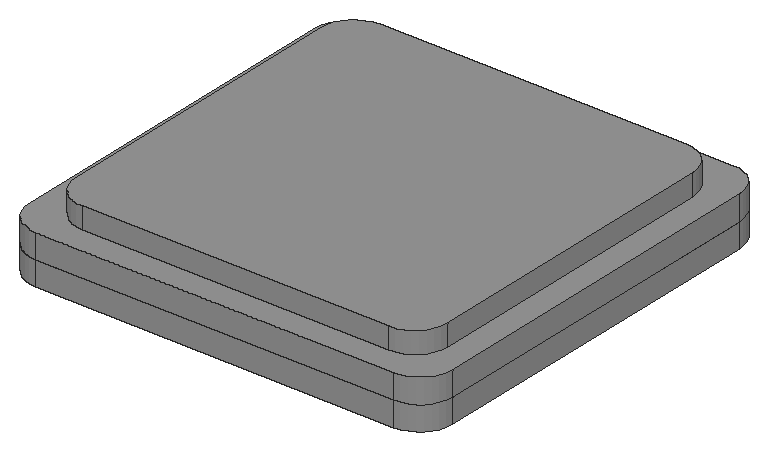
Revit family "FMS2_63_UN_Surface-mounted_ETK", category Lighting Fixtures, Revit 2019 (continued)
Definition of nested family "FMS.2 - Lightsource"
  Types (14, lengths in mm): name | Wattage Comments | Wattage | built-in parameter 1150134 | Photometric Web File | built-in parameter 1150142 | built-in parameter 1150105 | Lumens | built-in parameter 1150107 | built-in parameter 1150106 | Apparent Load
      301\t456.8348\t455.1776\t453.3823\t451.7251\r\n449.9298\t448.2726\t446.063\t443.4391\t440.6771\t437.777\t435.015\t432.3911\t429.7672\t427.0052\r\n424.1051\t421.3431\t418.443\t415.681\t412.7809\t410.0189\t407.2569\t404.4949\t401.5948\t398.6947\r\n395.7946\t393.0326\t390.1325\t387.3705\t384.6085\t381.5703\t378.6702\t375.7701\t372.7319\t369.8318\r\n366.9317\t364.1697\t361.2696\t358.5076\t355.6075\t352.7074\t349.6692\t346.7691\t343.869\t340.6927\r\n337.1021\t333.3734\t329.7828\t326.1922\t322.6016\t319.011\t315.4204\t311.8298\t308.2392\t304.6486\r\n301.058\t297.4674\t293.8768\t290.2862\t286.6956\t283.105\t279.5144\t276.0619\t272.4713\t268.8807\r\n265.2901\t261.8376\t258.3851\t254.9326\t251.4801\t248.0276\t244.5751\t241.1226\t237.6701\t234.2176\r\n230.627\t226.7602\t222.8934\t219.0266\t215.2979\t211.4311\t207.7024\t203.8356\t200.1069\t196.3782\r\n192.6495\t188.9208\t185.1921\t181.4634\t177.8728\t174.1441\t170.5535\t166.8248\t163.2342\t159.6436\r\n156.053\t152.4624\t148.8718\t145.2812\t141.8287\t138.2381\t134.7718\t131.2088\t127.6596\t124.1243\r\n120.6027\t117.095\t113.6149\t110.1624\t106.7099\t103.285\t99.8739\t96.4628\t93.0794\t89.696\r\n86.3263\t82.9705\t79.6285\t76.3003\t72.972\t69.6715\t66.3709\t63.0841\t59.8111\t54.3562\r\n46.3325\t38.3089\t30.2991\t22.2893\t14.2934\t6.2863\t0\t0\t0\t0\r\n0\t0\t0\t0\t0\t0\t0\t0\t0\t0\r\n0\r\n502.9602\t501.8554\t500.7506\t499.6458\t498.6791\t497.7124\t496.8838\t495.779\t494.6742\t493.7075\r\n492.6027\t491.636\t490.5312\t489.4264\t488.3216\t487.2168\t485.9739\t484.731\t483.4881\t482.2452\r\n480.8642\t479.6213\t478.3784\t476.9974\t475.6164\t474.3735\t472.9925\t471.6115\t470.2305\t468.8495\r\n467.3304\t465.9494\t464.4303\t462.9112\t461.3921\t459.873\t458.3539\t456.9729\t455.4538\t453.2442\r\n450.6203\t447.8583\t445.2344\t442.6105\t439.8485\t437.2246\t434.6007\t431.9768\t429.3529\t426.5909\r\n423.8289\t421.0669\t418.443\t415.681\t413.0571\t410.2951\t407.5331\t404.7711\t402.0091\t399.2471\r\n396.4851\t393.7231\t390.9611\t388.3372\t385.5752\t382.8132\t380.0512\t377.2892\t374.5272\t371.7652\r\n369.0032\t366.2412\t363.4792\t360.5791\t357.8171\t354.0884\t350.6359\t347.0453\t343.4547\t340.0022\r\n336.5497\t332.9591\t329.5066\t325.916\t322.4635\t318.8729\t315.2823\t311.8298\t308.2392\t304.7867\r\n301.3342\t297.8817\t294.2911\t290.8386\t287.3861\t283.9336\t280.4811\t277.0286\t273.5761\t270.1236\r\n266.6711\t263.2186\t259.9042\t256.4517\t252.9992\t249.6848\t245.818\t241.9512\t238.2225\t234.3557\r\n230.627\t226.7602\t223.0315\t219.1647\t215.436\t211.7073\t207.9786\t204.2499\t200.5212\t196.7925\r\n193.2019\t189.4732\t185.7445\t182.1539\t178.5633\t174.8346\t171.244\t167.6534\t164.0628\t160.4722\r\n156.8816\t153.291\t149.7004\t146.1098\t142.5192\t138.9286\t135.338\t131.7612\t128.212\t124.6629\r\n121.1275\t117.5922\t114.0706\t110.5629\t107.0689\t103.575\t100.1087\t96.6424\t93.2037\t89.765\r\n86.3401\t82.9152\t79.5042\t76.0931\t72.6958\t69.3124\t65.9289\t61.6064\t53.4999\t45.4073\r\n37.3008\t29.222\t21.1293\t13.0463\t4.9661\t0\t0\t0\t0\t0\r\n0\t0\t0\t0\t0\t0\t0\t0\t0\t0\r\n0\r\n502.9602\t501.8554\t500.7506\t499.6458\t498.6791\t497.7124\t496.7457\t495.779\t494.6742\t493.5694\r\n492.6027\t491.4979\t490.3931\t489.4264\t488.3216\t487.2168\t486.112\t484.8691\t483.7643\t482.5214\r\n481.2785\t480.0356\t478.7927\t477.4117\t476.1688\t474.9259\t473.5449\t472.302\t471.0591\t469.6781\r\n468.2971\t466.9161\t465.5351\t464.2922\t462.9112\t461.5302\t460.0111\t457.6634\t455.0395\t452.5537\r\n450.0679\t447.5821\t444.9582\t442.4724\t439.8485\t437.2246\t434.4626\t431.8387\t429.2148\t426.5909\r\n423.967\t421.3431\t418.7192\t416.2334\t413.4714\t410.8475\t408.2236\t405.4616\t402.8377\t400.2138\r\n397.5899\t394.966\t392.3421\t389.5801\t386.9562\t384.1942\t381.5703\t378.9464\t376.3225\t373.6986\r\n371.0747\t367.7603\t364.3078\t360.8553\t357.4028\t353.9503\t350.4978\t347.0453\t343.5928\t340.0022\r\n336.6878\t333.2353\t329.7828\t326.1922\t322.7397\t319.2872\t315.8347\t312.3822\t308.9297\t305.4772\r\n302.0247\t298.7103\t295.2578\t291.9434\t288.4909\t285.1765\t281.724\t278.2715\t274.9571\t271.5046\r\n268.1902\t264.8758\t261.1471\t257.4184\t253.5516\t249.8229\t245.9561\t242.2274\t238.4987\t234.6319\r\n230.9032\t227.1745\t223.4458\t219.7171\t215.9884\t212.2597\t208.531\t204.9404\t201.2117\t197.483\r\n193.8924\t190.1637\t186.5731\t182.8444\t179.2538\t175.5251\t171.9345\t168.3439\t164.7533\t161.1627\r\n157.434\t153.8434\t150.1147\t146.5241\t142.9335\t139.3429\t135.7385\t132.1617\t128.5849\t125.0219\r\n121.4728\t117.9236\t114.3882\t110.8529\t107.3175\t103.7822\t100.2606\t96.739\t93.2313\t89.7236\r\n86.2296\t82.7357\t79.2556\t75.7893\t72.3092\t68.8428\t61.7998\t53.6104\t45.4349\t37.2594\r\n29.0839\t20.9222\t12.7535\t4.5891\t0\t0\t0\t0\t0\t0\r\n0\t0\t0\t0\t0\t0\t0\t0\t0\t0\r\n0\r\n502.9602\t501.8554\t500.7506\t499.6458\t498.541\t497.5743\t496.6076\t495.6409\t494.6742\t493.5694\r\n492.6027\t491.4979\t490.3931\t489.4264\t488.3216\t487.2168\t486.2501\t485.1453\t483.9024\t482.7976\r\n481.6928\t480.4499\t479.3451\t478.1022\t476.8593\t475.6164\t474.3735\t473.1306\t471.8877\t470.6448\r\n469.4019\t468.159\t466.9161\t465.6732\t464.2922\t462.2207\t459.7349\t457.2491\t454.7633\t452.4156\r\n449.9298\t447.444\t444.8201\t442.3343\t439.7104\t437.2246\t434.7388\t432.253\t429.6291\t427.1433\r\n424.6575\t422.0336\t419.4097\t416.9239\t414.3\t411.6761\t409.1903\t406.5664\t404.0806\t401.4567\r\n398.8328\t396.347\t393.7231\t391.2373\t388.6134\t385.9895\t383.5037\t380.8798\t377.8416\t374.3891\r\n370.9366\t367.6222\t364.1697\t360.7172\t357.2647\t353.9503\t350.4978\t347.1834\t343.7309\t340.2784\r\n336.964\t333.5115\t330.1971\t326.7446\t323.4302\t319.9777\t316.6633\t313.2108\t309.8964\t306.582\r\n303.1295\t299.8151\t296.5007\t293.1863\t289.8719\t286.4194\t283.105\t279.7906\t276.4762\t272.8856\r\n269.0188\t265.2901\t261.4233\t257.6946\t253.9659\t250.2372\t246.3704\t242.6417\t238.913\t235.1843\r\n231.4556\t227.7269\t223.9982\t220.2695\t216.6789\t212.9502\t209.2215\t205.6309\t201.9022\t198.1735\r\n194.5829\t190.8542\t187.2636\t183.673\t179.9443\t176.3537\t172.7631\t169.0344\t165.4438\t161.7151\r\n158.1245\t154.3958\t150.8052\t147.0765\t143.4859\t139.8953\t136.1942\t132.576\t128.9578\t125.3534\r\n121.749\t118.1722\t114.5816\t111.0048\t107.428\t103.865\t100.2882\t96.739\t93.1761\t89.6269\r\n86.0777\t82.5286\t78.9932\t75.444\t71.301\t63.0288\t54.7705\t46.4983\t38.2399\t29.9953\r\n21.7369\t13.4896\t5.2423\t0\t0\t0\t0\t0\t0\t0\r\n0\t0\t0\t0\t0\t0\t0\t0\t0\t0\r\n0\r\n502.9602\t501.8554\t500.7506\t499.6458\t498.6791\t497.5743\t496.6076\t495.6409\t494.6742\t493.7075\r\n492.6027\t491.636\t490.5312\t489.4264\t488.4597\t487.3549\t486.3882\t485.2834\t484.1786\t483.2119\r\n482.1071\t481.0023\t479.8975\t478.7927\t477.6879\t476.445\t475.3402\t474.0973\t472.8544\t471.7496\r\n470.5067\t469.2638\t468.0209\t466.778\t464.4303\t461.9445\t459.5968\t457.2491\t454.7633\t452.2775\r\n449.9298\t447.444\t444.9582\t442.4724\t440.1247\t437.6389\t435.1531\t432.6673\t430.1815\t427.6957\r\n425.2099\t422.7241\t420.2383\t417.7525\t415.2667\t412.7809\t410.4332\t407.9474\t405.4616\t402.9758\r\n400.49\t398.0042\t395.5184\t393.0326\t390.5468\t388.061\t384.6085\t381.2941\t377.8416\t374.5272\r\n371.0747\t367.7603\t364.4459\t360.9934\t357.679\t354.3646\t351.0502\t347.7358\t344.2833\t340.9689\r\n337.6545\t334.3401\t331.0257\t327.7113\t324.2588\t320.9444\t317.63\t314.3156\t311.0012\t307.6868\r\n304.3724\t301.058\t297.8817\t294.5673\t291.2529\t287.9385\t284.486\t280.7573\t276.8905\t273.1618\r\n269.4331\t265.7044\t261.8376\t258.1089\t254.3802\t250.6515\t246.9228\t243.3322\t239.6035\t235.8748\r\n232.1461\t228.4174\t224.6887\t221.0981\t217.3694\t213.6407\t210.0501\t206.3214\t202.7308\t199.0021\r\n195.4115\t191.6828\t188.0922\t184.3635\t180.7729\t177.0442\t173.4536\t169.7249\t165.9962\t162.4056\r\n158.6769\t154.9482\t151.3576\t147.6289\t144.0383\t140.3096\t136.7052\t133.0455\t129.3859\t125.74\r\n122.0942\t118.4622\t114.8302\t111.1981\t107.5799\t103.9617\t100.3435\t96.7252\t93.1208\t89.5164\r\n85.912\t82.3214\t78.7308\t73.704\t65.3627\t57.0215\t48.6803\t40.339\t32.0116\t23.6703\r\n15.3429\t7.0072\t0\t0\t0\t0\t0\t0\t0\t0\r\n0\t0\t0\t0\t0\t0\t0\t0\t0\t0\r\n0\r\n502.9602\t501.8554\t500.8887\t499.7839\t498.6791\t497.7124\t496.6076\t495.6409\t494.6742\t493.7075\r\n492.7408\t491.7741\t490.8074\t489.7026\t488.5978\t487.6311\t486.5263\t485.5596\t484.4548\t483.4881\r\n482.3833\t481.4166\t480.4499\t479.3451\t478.2403\t477.2736\t476.1688\t475.064\t474.0973\t472.9925\r\n471.8877\t470.6448\t469.4019\t466.9161\t464.4303\t462.0826\t459.5968\t457.2491\t454.7633\t452.4156\r\n450.0679\t447.5821\t445.2344\t442.8867\t440.4009\t438.0532\t435.7055\t433.2197\t430.872\t428.3862\r\n426.0385\t423.6908\t421.205\t418.8573\t416.5096\t414.1619\t411.6761\t409.1903\t406.8426\t404.3568\r\n402.0091\t399.5233\t397.1756\t394.6898\t391.5135\t388.1991\t384.8847\t381.5703\t378.2559\t374.9415\r\n371.6271\t368.3127\t364.9983\t361.6839\t358.3695\t355.0551\t351.7407\t348.4263\t345.1119\t341.9356\r\n338.6212\t335.3068\t331.9924\t328.678\t325.3636\t322.0492\t318.7348\t315.5585\t312.2441\t308.9297\r\n305.6153\t302.439\t299.1246\t295.9483\t292.4958\t288.7671\t285.0384\t281.3097\t277.581\t273.8523\r\n270.1236\t266.3949\t262.6662\t258.9375\t255.2088\t251.4801\t247.7514\t244.0227\t240.294\t236.5653\r\n232.8366\t229.246\t225.5173\t221.7886\t218.0599\t214.3312\t210.7406\t207.0119\t203.2832\t199.6926\r\n195.9639\t192.3733\t188.6446\t185.054\t181.3253\t177.5966\t174.006\t170.2773\t166.5486\t162.8199\r\n159.2293\t155.5006\t151.7719\t148.1813\t144.4526\t140.7239\t137.0781\t133.4046\t129.7311\t126.0577\r\n122.398\t118.7246\t115.0649\t111.4053\t107.7594\t104.0998\t100.4401\t96.7943\t93.1485\t89.5026\r\n85.8568\t82.2109\t77.2946\t68.8705\t60.4602\t52.0361\t43.612\t35.2017\t26.7776\t18.3673\r\n9.9584\t1.5467\t0\t0\t0\t0\t0\t0\t0\t0\r\n0\t0\t0\t0\t0\t0\t0\t0\t0\t0\r\n0\r\n502.9602\t501.9935\t500.8887\t499.7839\t498.8172\t497.8505\t496.7457\t495.779\t494.8123\t493.8456\r\n492.8789\t491.9122\t490.9455\t489.9788\t489.0121\t487.9073\t486.9406\t485.9739\t485.0072\t483.9024\r\n482.9357\t481.969\t480.8642\t479.8975\t478.9308\t477.826\t476.8593\t475.8926\t474.7878\t473.8211\r\n472.8544\t471.7496\t469.54\t467.1923\t464.8446\t462.4969\t460.1492\t457.8015\t455.4538\t453.1061\r\n450.7584\t448.2726\t445.9249\t443.5772\t441.0914\t438.7437\t436.396\t434.0483\t431.7006\t429.2148\r\n426.8671\t424.5194\t422.1717\t419.824\t417.4763\t415.2667\t412.919\t410.4332\t408.0855\t405.7378\r\n403.3901\t400.9043\t398.2804\t394.966\t391.7897\t388.4753\t385.1609\t381.9846\t378.6702\t375.4939\r\n372.1795\t369.0032\t365.6888\t362.5125\t359.1981\t356.0218\t352.7074\t349.393\t346.0786\t342.9023\r\n339.5879\t336.4116\t333.0972\t329.7828\t326.6065\t323.2921\t320.1158\t316.8014\t313.6251\t310.3107\r\n307.1344\t303.82\t300.6437\t296.915\t293.1863\t289.4576\t285.7289\t282.0002\t278.2715\t274.5428\r\n270.8141\t267.0854\t263.3567\t259.628\t255.8993\t252.1706\t248.58\t244.8513\t241.1226\t237.3939\r\n233.6652\t229.9365\t226.3459\t222.6172\t218.8885\t215.2979\t211.5692\t207.8405\t204.2499\t200.5212\r\n196.7925\t193.2019\t189.4732\t185.7445\t182.0158\t178.2871\t174.5584\t170.8297\t167.101\t163.5104\r\n159.7817\t156.053\t152.3243\t148.5956\t144.8669\t141.1382\t137.5062\t133.8051\t130.104\t126.4167\r\n122.7157\t119.0284\t115.3411\t111.64\t107.9528\t104.2655\t100.5782\t96.891\t93.2175\t89.5302\r\n85.843\t82.059\t73.5659\t65.0727\t56.5796\t48.1002\t39.6071\t31.1277\t22.6346\t14.1553\r\n5.6704\t0\t0\t0\t0\t0\t0\t0\t0\t0\r\n0\t0\t0\t0\t0\t0\t0\t0\t0\t0\r\n0\r\n502.9602\t501.9935\t501.0268\t499.922\t498.9553\t497.9886\t497.0219\t495.9171\t494.9504\t493.9837\r\n493.017\t492.0503\t491.0836\t490.1169\t489.1502\t488.3216\t487.3549\t486.3882\t485.4215\t484.4548\r\n483.4881\t482.5214\t481.5547\t480.588\t479.6213\t478.6546\t477.6879\t476.7212\t475.7545\t474.7878\r\n473.8211\t472.0258\t469.6781\t467.4685\t465.1208\t462.7731\t460.4254\t458.0777\t455.8681\t453.5204\r\n451.1727\t448.825\t446.6154\t444.2677\t441.92\t439.5723\t437.2246\t435.015\t432.6673\t430.3196\r\n427.9719\t425.7623\t423.4146\t421.0669\t418.7192\t416.3715\t414.1619\t411.8142\t409.4665\t407.2569\r\n404.9092\t402.2853\t399.109\t395.7946\t392.4802\t389.3039\t385.9895\t382.8132\t379.4988\t376.3225\r\n373.0081\t369.8318\t366.5174\t363.203\t360.0267\t356.8504\t353.536\t350.3597\t347.0453\t343.869\r\n340.5546\t337.3783\t334.0639\t330.8876\t327.7113\t324.3969\t321.2206\t317.9062\t314.7299\t311.5536\r\n308.2392\t305.0629\t301.3342\t297.6055\t293.8768\t290.1481\t286.4194\t282.8288\t279.1001\t275.3714\r\n271.6427\t267.914\t264.3234\t260.5947\t256.866\t253.1373\t249.4086\t245.818\t242.0893\t238.3606\r\n234.6319\t230.9032\t227.1745\t223.5839\t219.8552\t216.1265\t212.3978\t208.6691\t205.0785\t201.3498\r\n197.6211\t194.0305\t190.3018\t186.435\t182.7063\t178.9776\t175.2489\t171.5202\t167.7915\t164.0628\r\n160.3341\t156.6054\t152.8767\t149.148\t145.4193\t141.6906\t138.031\t134.3022\t130.5874\t126.8725\r\n123.1438\t119.4289\t115.7002\t111.9853\t108.2704\t104.5555\t100.8406\t97.1257\t93.4108\t89.696\r\n85.9811\t79.5318\t70.9834\t62.4212\t53.8728\t45.3106\t36.7622\t28.2\t19.6516\t11.0991\r\n2.5479\t0\t0\t0\t0\t0\t0\t0\t0\t0\r\n0\t0\t0\t0\t0\t0\t0\t0\t0\t0\r\n0\r\n502.9602\t501.9935\t501.0268\t500.0601\t499.0934\t498.1267\t497.16\t496.3314\t495.3647\t494.398\r\n493.4313\t492.4646\t491.4979\t490.5312\t489.7026\t488.7359\t487.7692\t486.8025\t485.9739\t485.0072\r\n484.0405\t483.0738\t482.2452\t481.2785\t480.3118\t479.4832\t478.5165\t477.5498\t476.7212\t475.7545\r\n474.7878\t472.7163\t470.3686\t468.0209\t465.8113\t463.4636\t461.254\t458.9063\t456.5586\t454.349\r\n452.0013\t449.7917\t447.444\t445.2344\t442.8867\t440.539\t438.3294\t435.9817\t433.7721\t431.4244\r\n429.2148\t426.8671\t424.5194\t422.3098\t419.9621\t417.7525\t415.4048\t413.1952\t410.8475\t408.4998\r\n406.2902\t403.252\t399.9376\t396.7613\t393.4469\t390.2706\t386.9562\t383.7799\t380.6036\t377.2892\r\n374.1129\t370.7985\t367.6222\t364.4459\t361.1315\t357.9552\t354.6408\t351.4645\t348.2882\t344.9738\r\n341.7975\t338.4831\t335.3068\t332.1305\t328.8161\t325.6398\t322.4635\t319.1491\t315.9728\t312.7965\r\n309.4821\t305.8915\t302.1628\t298.5722\t294.8435\t291.1148\t287.3861\t283.6574\t279.9287\t276.2\r\n272.6094\t268.8807\t265.152\t261.4233\t257.6946\t253.9659\t250.3753\t246.6466\t242.9179\t239.1892\r\n235.4605\t231.8699\t228.1412\t224.4125\t220.6838\t216.9551\t213.3645\t209.6358\t205.9071\t202.1784\r\n198.4497\t194.721\t190.9923\t187.2636\t183.5349\t179.8062\t176.0775\t172.3488\t168.482\t164.7533\r\n161.0246\t157.2959\t153.5672\t149.8385\t146.1098\t142.3811\t138.6524\t134.8685\t131.126\t127.3834\r\n123.6547\t119.9122\t116.1697\t112.4272\t108.6985\t104.956\t101.2135\t97.4848\t93.7423\t90.0136\r\n86.2711\t78.1922\t69.5748\t60.9573\t52.3399\t43.7225\t35.105\t26.4876\t17.8701\t9.2582\r\n0.6424\t0\t0\t0\t0\t0\t0\t0\t0\t0\r\n0\t0\t0\t0\t0\t0\t0\t0\t0\t0\r\n0\r\n502.9602\t502.1316\t501.1649\t500.1982\t499.3696\t498.4029\t497.5743\t496.6076\t495.6409\t494.8123\r\n493.8456\t493.017\t492.0503\t491.0836\t490.255\t489.2883\t488.4597\t487.493\t486.5263\t485.6977\r\n484.731\t483.9024\t482.9357\t482.1071\t481.1404\t480.1737\t479.3451\t478.3784\t477.5498\t476.5831\r\n475.6164\t473.4068\t471.0591\t468.8495\t466.6399\t464.2922\t462.0826\t459.7349\t457.5253\t455.1776\r\n452.968\t450.6203\t448.4107\t446.063\t443.8534\t441.6438\t439.2961\t437.0865\t434.7388\t432.5292\r\n430.1815\t427.9719\t425.6242\t423.4146\t421.0669\t418.8573\t416.5096\t414.3\t412.0904\t409.7427\r\n407.5331\t404.2187\t401.0424\t397.8661\t394.5517\t391.3754\t388.1991\t385.0228\t381.7084\t378.5321\r\n375.3558\t372.0414\t368.8651\t365.6888\t362.3744\t359.1981\t356.0218\t352.8455\t349.5311\t346.3548\r\n343.1785\t339.8641\t336.6878\t333.5115\t330.1971\t327.0208\t323.8445\t320.5301\t317.3538\t314.1775\r\n311.0012\t307.2725\t303.5438\t299.8151\t296.0864\t292.3577\t288.629\t284.9003\t281.1716\t277.4429\r\n273.7142\t269.9855\t266.2568\t262.5281\t258.7994\t255.0707\t251.342\t247.6133\t244.0227\t240.294\r\n236.5653\t232.8366\t229.1079\t225.3792\t221.6505\t217.9218\t214.1931\t210.4644\t206.7357\t203.007\r\n199.2783\t195.5496\t191.8209\t188.0922\t184.2254\t180.4967\t176.768\t173.0393\t169.3106\t165.5819\r\n161.7151\t157.9864\t154.2577\t150.529\t146.8003\t142.9335\t139.2048\t135.4761\t131.7336\t127.9773\r\n124.221\t120.4646\t116.7083\t112.952\t109.1957\t105.4532\t101.6968\t97.9405\t94.1842\t90.4279\r\n86.6716\t78.0127\t69.34\t60.6673\t52.0085\t43.3358\t34.6769\t26.0042\t17.3316\t8.6672\r\n0\t0\t0\t0\t0\t0\t0\t0\t0\t0\r\n0\t0\t0\t0\t0\t0\t0\t0\t0\t0\r\n0\r\n502.9602\t501.9935\t501.1649\t500.1982\t499.3696\t498.4029\t497.5743\t496.6076\t495.6409\t494.8123\r\n493.8456\t493.017\t492.1884\t491.2217\t490.3931\t489.4264\t488.5978\t487.6311\t486.8025\t485.9739\r\n485.0072\t484.1786\t483.35\t482.3833\t481.5547\t480.7261\t479.8975\t478.9308\t478.1022\t477.2736\r\n476.445\t474.2354\t472.0258\t469.8162\t467.4685\t465.2589\t463.0493\t460.7016\t458.492\t456.2824\r\n453.9347\t451.7251\t449.5155\t447.1678\t444.9582\t442.6105\t440.4009\t438.0532\t435.8436\t433.4959\r\n431.2863\t428.9386\t426.729\t424.3813\t422.1717\t419.824\t417.6144\t415.2667\t413.0571\t410.7094\r\n408.4998\t405.4616\t402.1472\t398.9709\t395.7946\t392.6183\t389.3039\t386.1276\t382.9513\t379.775\r\n376.4606\t373.2843\t370.108\t366.7936\t363.6173\t360.441\t357.1266\t353.9503\t350.774\t347.5977\r\n344.2833\t341.107\t337.9307\t334.6163\t331.44\t328.2637\t324.9493\t321.773\t318.5967\t315.2823\r\n312.106\t308.5154\t304.7867\t301.058\t297.3293\t293.6006\t289.8719\t286.1432\t282.4145\t278.6858\r\n274.9571\t271.2284\t267.4997\t263.771\t260.0423\t256.3136\t252.5849\t248.8562\t245.1275\t241.3988\r\n237.6701\t233.9414\t230.2127\t226.484\t222.7553\t219.0266\t215.2979\t211.4311\t207.7024\t203.9737\r\n200.245\t196.5163\t192.7876\t189.0589\t185.1921\t181.4634\t177.7347\t173.8679\t170.1392\t166.4105\r\n162.6818\t158.815\t155.0863\t151.3576\t147.4908\t143.7621\t140.0334\t136.2357\t132.4655\t128.6954\r\n124.9253\t121.1551\t117.385\t113.6149\t109.8447\t106.0746\t102.3045\t98.5343\t94.7642\t90.9941\r\n87.224\t79.0623\t70.3481\t61.634\t52.9199\t44.2058\t35.5055\t26.7914\t18.0773\t9.3618\r\n0.6498\t0\t0\t0\t0\t0\t0\t0\t0\t0\r\n0\t0\t0\t0\t0\t0\t0\t0\t0\t0\r\n0\r\n502.9602\t5
